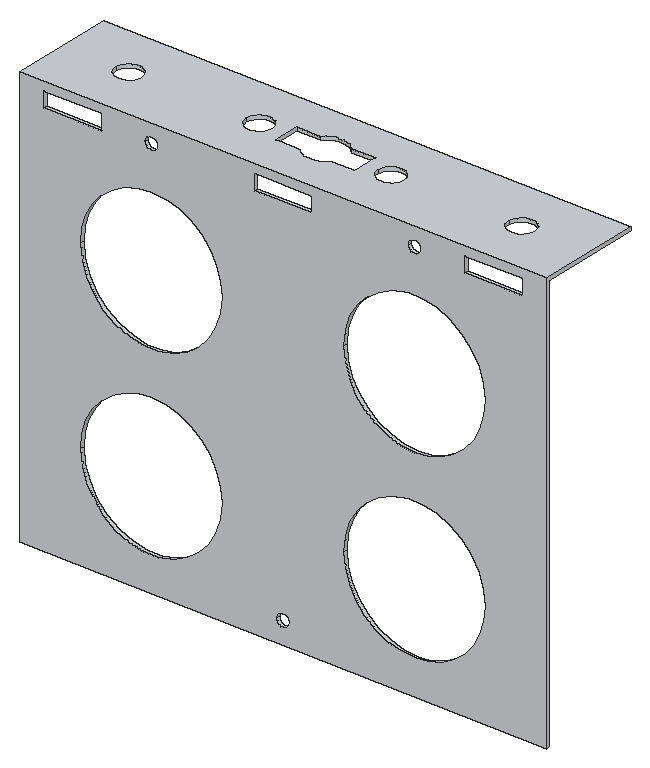
Revit family
Parameters
  URL = "www.siouxchief.com"
  Model = "521-559"
  Manufacturer = "Sioux Chief Manufacturing"
  Description = "Pipe Eye Suspension Bracket"
Reference planes (in)
  plane 1 "Center (Front/Back)": y = 0
  plane 2: z = 0
  plane 3 "Center (Left/Right)": x = 0
Forms (in)
  Extrusion 1, solid
    sketch origin (2.5, 0, -3) x (0, -1, 0) y (0, 0, 1)
      loop
        line (0, -1) -> (0, 3) -> (-1, 3) -> (-1, 2.968) -> (-0.032, 2.968) -> (-0.032, -1) -> (0, -1)
    from 0 to 5
  Extrusion 2, void
    sketch origin (0.08061, 0, 0.6246) x (1, 0, 0) y (0, 0, 1)
      loop
        circle (-1.33061, -1.8746) r 0.67188
    from -0.032 to 0
  Extrusion 3, void
    sketch origin (-0.08061, 0, 0.6246) x (-1, 0, 0) y (0, 0, -1)
      loop
        circle (-1.33061, 1.8746) r 0.67188
    from -0.032 to 0
  Extrusion 4, void
    sketch origin (-0.274, 0, -0.04687) x (1, 0, 0) y (0, 0, 1)
      loop
        line (0, -0.032) -> (0, -0.17896) -> (0.54801, -0.17896) -> (0.54801, -0.032) -> (0, -0.032)
    from -0.032 to 0
  Extrusion 5, void
    sketch origin (1.726, 0, -0.04688) x (1, 0, 0) y (0, 0, 1)
      loop
        line (0, -0.032) -> (0, -0.17896) -> (0.54801, -0.17896) -> (0.54801, -0.032) -> (0, -0.032)
    from -0.032 to 0
  Extrusion 6, void
    sketch origin (-1.726, 0, -0.04687) x (-1, 0, 0) y (0, 0, -1)
      loop
        line (0, 0.032) -> (0.54801, 0.032) -> (0.54801, 0.17896) -> (0, 0.17896) -> (0, 0.032)
    from -0.032 to 0
  Extrusion 7, void
    sketch origin (0, 0, 1.15625) x (1, 0, 0) y (0, 0, 1)
      loop
        circle (-1.25, -1.32813) r 0.06
    from -0.032 to 0
  Extrusion 8, void
    sketch origin (0, 0, 1.15625) x (-1, 0, 0) y (0, 0, -1)
      loop
        circle (-1.25, 1.32813) r 0.06
    from -0.032 to 0
  Extrusion 9, void
    sketch origin (0.63605, 0, 0) x (1, 0, 0) y (0, 1, 0)
      loop
        circle (-2.5, 0.5) r 0.125
    from -0.032 to 0
  Extrusion 10, void
    sketch origin (1.87373, 0, 0) x (1, 0, 0) y (0, 1, 0)
      loop
        circle (-2.5, 0.5) r 0.125
    from -0.032 to 0
  Extrusion 11, void
    sketch origin (-0.63605, 0, 0) x (-1, 0, 0) y (0, -1, 0)
      loop
        circle (-2.5, -0.5) r 0.125
    from -0.032 to 0
  Extrusion 12, void
    sketch origin (-1.87373, 0, 0) x (-1, 0, 0) y (0, -1, 0)
      loop
        circle (-2.5, -0.5) r 0.125
    from -0.032 to 0
  Extrusion 13, void
    sketch origin (-0.375, -0.37025, 0) x (1, 0, 0) y (0, 1, 0)
      loop
        line (0, 1) -> (0, 0.75) -> (0.75, 0.75) -> (0.75, 1) -> (0, 1)
    from -0.032 to 0
  Extrusion 14, void
    sketch origin (-0.375, 0, 0) x (1, 0, 0) y (0, 1, 0)
      loop
        circle (0.375, 0.50475) r 0.19328
    from -0.032 to 0
  Extrusion 15, void
    sketch origin (0.08061, 0, -1.1254) x (1, 0, 0) y (0, 0, 1)
      loop
        circle (-1.33061, -1.8746) r 0.67188
    from -0.032 to 0
  Extrusion 16, void
    sketch origin (-0.08061, 0, -1.1254) x (-1, 0, 0) y (0, 0, -1)
      loop
        circle (-1.33061, 1.8746) r 0.67188
    from -0.032 to 0
  Extrusion 17, void
    sketch origin (1.25, 0, -2.46138) x (1, 0, 0) y (0, 0, 1)
      loop
        circle (-1.25, -1.32813) r 0.06
    from -0.032 to 0
Cuts and joins
  Extrusion 2, Extrusion 3, Extrusion 4, Extrusion 5, Extrusion 6, Extrusion 7, Extrusion 8, Extrusion 9, Extrusion 10, Extrusion 11, Extrusion 12, Extrusion 13, Extrusion 14, Extrusion 15, Extrusion 16, Extrusion 17 cuts Extrusion 1
Dimensions and locks (in)
  radius of Extrusion 9 sketch curve = 0.125"
  radius of Extrusion 10 sketch curve = 0.125"
  radius of Extrusion 11 sketch curve = 0.125"
  radius of Extrusion 12 sketch curve = 0.125"
  aligned and locked: plane 2 to level
  aligned and locked: Extrusion 1 to Extrusion 2
  aligned and locked: plane 1 "Center (Front/Back)" to Extrusion 2
  aligned and locked: Extrusion 1 to Extrusion 4
  aligned and locked: Extrusion 1 to Extrusion 7
  aligned and locked: plane 1 "Center (Front/Back)" to Extrusion 7
  aligned and locked: Extrusion 1 to Extrusion 10
  aligned and locked: level to Extrusion 10
  aligned and locked: Extrusion 1 to Extrusion 9
  aligned and locked: level to Extrusion 9
  aligned and locked: Extrusion 1 to Extrusion 13
  aligned and locked: level to Extrusion 13
  aligned and locked: Extrusion 1 to Extrusion 14
  aligned and locked: level to Extrusion 14
